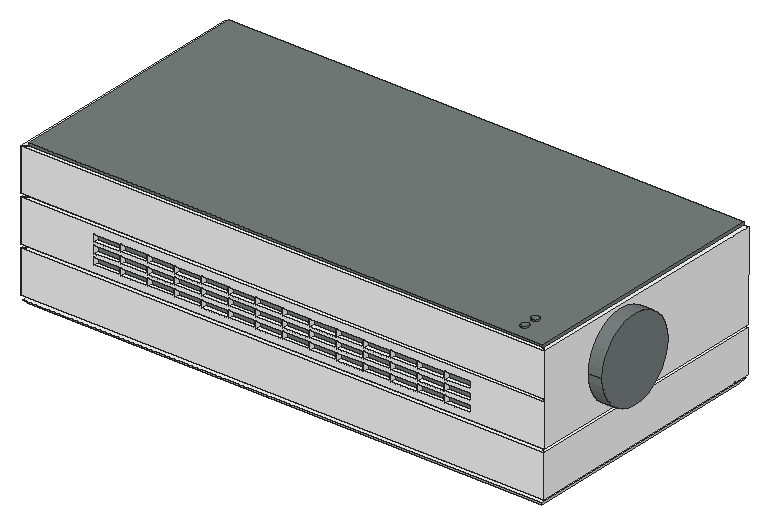
Revit family "AM 500 HCDE", category Mechanical Equipment, Revit 2019
Family settings
  Round Connector Dimension = Use Diameter
  Part Type = Normal
  OmniClass Number = 23.75.00.00
  OmniClass Title = Climate Control (HVAC)
  Work Plane-Based = No
  Always vertical = Yes
  Cut with Voids When Loaded = No
  Shared = No
  Room Calculation Point = No
Parameters
  Weight (Standard Unit) = 108  # constant formula
  Water Heater Surface Return = 10 mm  # constant formula
  Water Heater Surface IN = 10 mm  # constant formula
  Visible [instance] = yes
  URL = "www.airmaster-as.com"
  Total Width = 1600 mm  # constant formula
  Total Hight = 439 mm  # constant formula
  Top Panel [instance] = yes
  T-C Duct Supply = 171.3 mm  # constant formula
  T-C Duct Exhaust = 171.3 mm  # constant formula
  Suply Air In = 250 mm  # constant formula
  Side panel Top [instance] = yes
  Side panel Middle [instance] = yes
  Side panel Buttom [instance] = yes
  R-C Duct Supply = 238 mm  # constant formula
  Phase 1 - Max Power Consumption = "1762 W"
  Phase 1 - Max Current = "8,1 A"
  Nominal current, electrical preheating surface = "4,4 A"
  Nominal current, electrical comfort heating surface = "2,6 A"
  Nominal current, air handling unit = "1,1 A"
  Network Conection = "AWG 24 CAT 5e STP"
  Model = "AM 500 HCDE"
  Middle Panel [instance] = yes
  Max. flow rate 35 dB(A) with ePM10 80% filters = 440.00 m³  # constant formula
  Max. flow rate 35 dB(A) with ePM10 55% filters = 495.00 m³  # constant formula
  Max. flow rate 35 dB(A) with ePM10 50% filters = 550.00 m³  # constant formula
  Max. flow rate 30 dB(A) with ePM10 80% filters = 344.00 m³  # constant formula
  Max. flow rate 30 dB(A) with ePM10 55% filters = 387.00 m³  # constant formula
  Max. flow rate 30 dB(A) with ePM10 50% filters = 430.00 m³  # constant formula
  Manufacturer = "Airmaster A/S"
  Maintenance [instance] = no
  L-C Duct Exhaust = 192 mm  # constant formula
  Exhaust Air = 250 mm  # constant formula
  Total Depth = 779 mm  # constant formula
  Electrical connection = "1 ~ 230 V / N / PE / 50 Hz"
  Duct Extraction = 250 mm  # constant formula
  Drawn By = "LSB"
  Condensate = 9 mm  # constant formula
  BMS Panel = "(PTS) 2x2x0,6"
  BMS Out = "(PTS) 2x2x0,6"
  BMS IN = "(PTS) 2x2x0,6"
  Airlow area [instance] = no
Reference planes
  plane 1 "Center (Front/Back)": y = 0
  plane 2: z = 0
  plane 3 "Center (Left/Right)": x = 0
  plane 4 "Center L/S": y = -779
  plane 5 "Center L/T": x = -800
  plane 6 "Center L/U": x = 800
  plane 7 "TOP": z = 439
  plane 8 "Center L/V": x = -785
  plane 9 "Center L/W": y = -764
  plane 10 "Center L/X": x = 785
  plane 11 "Panel Buttom": z = 24.45
  plane 12 "Panel Top": z = 153.45
  plane 13 "Hatch": z = 14.5
  plane 14 "Center L/Z": z = 163.4
  plane 15 "Center L/AA": z = 292.4
  plane 16 "Center L/BB": z = 302.35
  plane 17 "Center L/CC": z = 431.35
Forms (mm)
  Extrusion 1, solid, material "AM Grey"
    sketch origin (0, 0, 0) x (1, 0, 0) y (0, 1, 0)
      loop
        line (-785, 0) -> (-785, -764) -> (785, -764) -> (785, 0) -> (-785, 0)
    from 14.5 to 439
  Extrusion 2, solid, material "AM White"
    sketch origin (794.5, -1524, 24.45) x (0, -1, 0) y (-1, 0, 0)
      loop
        line (-745, -5.5) -> (-745, 1594.5) -> (-760, 1579.5) -> (-760, 9.5) -> (-745, -5.5)
    from 0 to -129
  Blend 3, solid, material "AM White"
    base sketch origin (-790.646, -1524, 14.5) x (0, -1, 0) y (1, 0, 0)
      loop
        line (-745, -2.387) -> (-745, 1583.657) -> (-1524, 1583.657) -> (-1524, -2.387) -> (-745, -2.387)
    top sketch origin (-790.646, -1524, 14.5) x (0, -1, 0) y (1, 0, 0)
      loop
        line (-760, 8.963) -> (-760, 1572.646) -> (-1509.161, 1572.646) -> (-1509.161, 8.963) -> (-760, 8.963)
    from 0 to -14.5
  Extrusion 4, void
    sketch origin (1480.036, -779, 163.4) x (1, 0, 0) y (0, 0, -1)
      loop
        line (-2055.036, -85.5) -> (-2055.036, -107.5) -> (-1977.536, -107.5) -> (-1977.536, -85.5) -> (-2055.036, -85.5)
      loop
        line (-2055.036, -53.5) -> (-2055.036, -75.5) -> (-1977.536, -75.5) -> (-1977.536, -53.5) -> (-2055.036, -53.5)
      loop
        line (-2055.036, -21.5) -> (-2055.036, -43.5) -> (-1977.536, -43.5) -> (-1977.536, -21.5) -> (-2055.036, -21.5)
      loop
        line (-1972.536, -85.5) -> (-1972.536, -107.5) -> (-1895.036, -107.5) -> (-1895.036, -85.5) -> (-1972.536, -85.5)
      loop
        line (-1972.536, -53.5) -> (-1972.536, -75.5) -> (-1895.036, -75.5) -> (-1895.036, -53.5) -> (-1972.536, -53.5)
      loop
        line (-1972.536, -21.5) -> (-1972.536, -43.5) -> (-1895.036, -43.5) -> (-1895.036, -21.5) -> (-1972.536, -21.5)
      loop
        line (-1890.036, -85.5) -> (-1890.036, -107.5) -> (-1812.536, -107.5) -> (-1812.536, -85.5) -> (-1890.036, -85.5)
      loop
        line (-1890.036, -53.5) -> (-1890.036, -75.5) -> (-1812.536, -75.5) -> (-1812.536, -53.5) -> (-1890.036, -53.5)
      loop
        line (-1890.036, -21.5) -> (-1890.036, -43.5) -> (-1812.536, -43.5) -> (-1812.536, -21.5) -> (-1890.036, -21.5)
      loop
        line (-1807.536, -85.5) -> (-1807.536, -107.5) -> (-1730.036, -107.5) -> (-1730.036, -85.5) -> (-1807.536, -85.5)
      loop
        line (-1807.536, -53.5) -> (-1807.536, -75.5) -> (-1730.036, -75.5) -> (-1730.036, -53.5) -> (-1807.536, -53.5)
      loop
        line (-1807.536, -21.5) -> (-1807.536, -43.5) -> (-1730.036, -43.5) -> (-1730.036, -21.5) -> (-1807.536, -21.5)
      loop
        line (-1725.036, -85.5) -> (-1725.036, -107.5) -> (-1647.536, -107.5) -> (-1647.536, -85.5) -> (-1725.036, -85.5)
      loop
        line (-1725.036, -53.5) -> (-1725.036, -75.5) -> (-1647.536, -75.5) -> (-1647.536, -53.5) -> (-1725.036, -53.5)
      loop
        line (-1725.036, -21.5) -> (-1725.036, -43.5) -> (-1647.536, -43.5) -> (-1647.536, -21.5) -> (-1725.036, -21.5)
      loop
        line (-1642.536, -85.5) -> (-1642.536, -107.5) -> (-1565.036, -107.5) -> (-1565.036, -85.5) -> (-1642.536, -85.5)
      loop
        line (-1642.536, -53.5) -> (-1642.536, -75.5) -> (-1565.036, -75.5) -> (-1565.036, -53.5) -> (-1642.536, -53.5)
      loop
        line (-1642.536, -21.5) -> (-1642.536, -43.5) -> (-1565.036, -43.5) -> (-1565.036, -21.5) -> (-1642.536, -21.5)
      loop
        line (-1560.036, -85.5) -> (-1560.036, -107.5) -> (-1482.536, -107.5) -> (-1482.536, -85.5) -> (-1560.036, -85.5)
      loop
        line (-1560.036, -53.5) -> (-1560.036, -75.5) -> (-1482.536, -75.5) -> (-1482.536, -53.5) -> (-1560.036, -53.5)
      loop
        line (-1560.036, -21.5) -> (-1560.036, -43.5) -> (-1482.536, -43.5) -> (-1482.536, -21.5) -> (-1560.036, -21.5)
      loop
        line (-1477.536, -85.5) -> (-1477.536, -107.5) -> (-1400.036, -107.5) -> (-1400.036, -85.5) -> (-1477.536, -85.5)
      loop
        line (-1477.536, -53.5) -> (-1477.536, -75.5) -> (-1400.036, -75.5) -> (-1400.036, -53.5) -> (-1477.536, -53.5)
      loop
        line (-1477.536, -21.5) -> (-1477.536, -43.5) -> (-1400.036, -43.5) -> (-1400.036, -21.5) -> (-1477.536, -21.5)
      loop
        line (-1395.036, -85.5) -> (-1395.036, -107.5) -> (-1317.536, -107.5) -> (-1317.536, -85.5) -> (-1395.036, -85.5)
      loop
        line (-1395.036, -53.5) -> (-1395.036, -75.5) -> (-1317.536, -75.5) -> (-1317.536, -53.5) -> (-1395.036, -53.5)
      loop
        line (-1395.036, -21.5) -> (-1395.036, -43.5) -> (-1317.536, -43.5) -> (-1317.536, -21.5) -> (-1395.036, -21.5)
      loop
        line (-1312.536, -85.5) -> (-1312.536, -107.5) -> (-1235.036, -107.5) -> (-1235.036, -85.5) -> (-1312.536, -85.5)
      loop
        line (-1312.536, -53.5) -> (-1312.536, -75.5) -> (-1235.036, -75.5) -> (-1235.036, -53.5) -> (-1312.536, -53.5)
      loop
        line (-1312.536, -21.5) -> (-1312.536, -43.5) -> (-1235.036, -43.5) -> (-1235.036, -21.5) -> (-1312.536, -21.5)
      loop
        line (-1230.036, -85.5) -> (-1230.036, -107.5) -> (-1152.536, -107.5) -> (-1152.536, -85.5) -> (-1230.036, -85.5)
      loop
        line (-1230.036, -53.5) -> (-1230.036, -75.5) -> (-1152.536, -75.5) -> (-1152.536, -53.5) -> (-1230.036, -53.5)
      loop
        line (-1230.036, -21.5) -> (-1230.036, -43.5) -> (-1152.536, -43.5) -> (-1152.536, -21.5) -> (-1230.036, -21.5)
      loop
        line (-1147.536, -85.5) -> (-1147.536, -107.5) -> (-1070.036, -107.5) -> (-1070.036, -85.5) -> (-1147.536, -85.5)
      loop
        line (-1147.536, -53.5) -> (-1147.536, -75.5) -> (-1070.036, -75.5) -> (-1070.036, -53.5) -> (-1147.536, -53.5)
      loop
        line (-1147.536, -21.5) -> (-1147.536, -43.5) -> (-1070.036, -43.5) -> (-1070.036, -21.5) -> (-1147.536, -21.5)
      loop
        line (-1065.036, -85.5) -> (-1065.036, -107.5) -> (-987.536, -107.5) -> (-987.536, -85.5) -> (-1065.036, -85.5)
      loop
        line (-1065.036, -53.5) -> (-1065.036, -75.5) -> (-987.536, -75.5) -> (-987.536, -53.5) -> (-1065.036, -53.5)
      loop
        line (-1065.036, -21.5) -> (-1065.036, -43.5) -> (-987.536, -43.5) -> (-987.536, -21.5) -> (-1065.036, -21.5)
      loop
        line (-982.536, -85.5) -> (-982.536, -107.5) -> (-905.036, -107.5) -> (-905.036, -85.5) -> (-982.536, -85.5)
      loop
        line (-982.536, -53.5) -> (-982.536, -75.5) -> (-905.036, -75.5) -> (-905.036, -53.5) -> (-982.536, -53.5)
      loop
        line (-982.536, -21.5) -> (-982.536, -43.5) -> (-905.036, -43.5) -> (-905.036, -21.5) -> (-982.536, -21.5)
    from 0 to 15
  Extrusion 5, solid, material "AM Grey"
    sketch origin (-785, -20, 0) x (0, 1, 0) y (0, 0, -1)
      loop
        arc (-34.231, -35.823) -> (-20.604, -46.468) -> (-15.509, -29.944) r 10.5
        arc (-15.509, -29.944) -> (-26.896, -26.432) -> (-34.231, -35.823) r 10.5
    from 0 to 14.9
  Extrusion 6, solid, material "AM Grey"
    sketch origin (785, 0, 0) x (0, -1, 0) y (0, 0, -1)
      loop
        circle (48.75, -36.414) r 8
    from 0 to 14.9
  Extrusion 7, solid, material "AM Grey"
    sketch origin (785, 0, 0) x (0, -1, 0) y (0, 0, -1)
      loop
        circle (48.75, -60.414) r 5.5
    from 0 to 14.9
  Extrusion 8, solid, material "AM Grey"
    sketch origin (785, 0, 0) x (0, -1, 0) y (0, 0, -1)
      loop
        arc (52.21, -82.945) -> (49.124, -78.934) -> (45.257, -82.197) r 3.5
        arc (45.257, -82.197) -> (48.376, -85.894) -> (52.21, -82.945) r 3.5
    from 0 to 14.9
  Extrusion 9, solid, material "AM Grey"
    sketch origin (785, 0, 0) x (0, -1, 0) y (0, 0, -1)
      loop
        arc (52.21, -104.867) -> (49.124, -100.856) -> (45.257, -104.119) r 3.5
        arc (45.257, -104.119) -> (48.376, -107.816) -> (52.21, -104.867) r 3.5
    from 0 to 14.9
  Extrusion 10, solid, material "AM Grey"
    sketch origin (785, 0, 0) x (0, -1, 0) y (0, 0, -1)
      loop
        arc (666.553, -391.641) -> (678.119, -403.614) -> (689.95, -391.903) r 11.7
        arc (689.95, -391.903) -> (678.381, -380.215) -> (666.553, -391.641) r 11.7
    from 0 to 2
  Extrusion 11, solid, material "AM Grey"
    sketch origin (785, 0, 0) x (0, -1, 0) y (0, 0, -1)
      loop
        arc (707.323, -393.239) -> (721.418, -403.717) -> (730.869, -388.914) r 12
        arc (730.869, -388.914) -> (717.082, -380.112) -> (707.323, -393.239) r 12
    from 0 to 2
  Extrusion 12, solid, material "AM Grey"
    sketch origin (-785, 0, 0) x (1, 0, 0) y (0, 0, -1)
      loop
        circle (1347, -267.7) r 125
    from 0 to 18.45
  Extrusion 13, solid, material "AM Grey"
    sketch origin (-785, 0, 0) x (1, 0, 0) y (0, 0, -1)
      loop
        circle (177, -267.7) r 125
    from 0 to 18.45
  Extrusion 14, solid, material "AM Grey"
    sketch origin (-2194.69, 0, 0) x (1, 0, 0) y (0, 0, -1)
      loop
        arc (1478.835, -24) -> (1493.457, -45.482) -> (1480.281, -23.084) r 13
        line (1480.281, -23.084) -> (1478.835, -24)
    from 0 to 2
  Extrusion 15, solid, material "AM Grey"
    sketch origin (0, 0, 439) x (1, 0, 0) y (0, 1, 0)
      loop
        arc (693.662, -689.53) -> (693, -667.55) -> (692.338, -689.53) r 11
        line (692.338, -689.53) -> (693.662, -689.53)
    from 0 to 2
  Extrusion 16, solid, material "AM Grey"
    sketch origin (0, 0, 439) x (1, 0, 0) y (0, 1, 0)
      loop
        arc (693.662, -730.28) -> (693, -708.3) -> (692.338, -730.28) r 11
        line (692.338, -730.28) -> (693.662, -730.28)
    from 0 to 2
  Extrusion 17, solid, material "Maintenece", visible <- "Maintenance"
    sketch origin (-790.646, -1524, 0) x (1, 0, 0) y (0, -1, 0)
      loop
        line (-9.354, -1524) -> (1590.646, -1524) -> (1590.646, -745) -> (-9.354, -745) -> (-9.354, -1524)
    from 0 to 1200
  Extrusion 18, solid, material "AM Grey"
    sketch origin (785, 0, 0) x (0, -1, 0) y (0, 0, -1)
      loop
        circle (489, -299.25) r 125
    from 0 to 60
  Extrusion 19, solid, material "AM White", visible <- "Middle Panel"
    sketch origin (794.5, -1524, 163.4) x (0, -1, 0) y (-1, 0, 0)
      loop
        line (-745, -3.5) -> (-745, 1594.5) -> (-760, 1579.5) -> (-760, 11.5) -> (-745, -3.5)
    from 0 to -129
  Extrusion 20, solid, material "AM White", visible <- "Top Panel"
    sketch origin (794.5, -1524, 302.35) x (0, -1, 0) y (-1, 0, 0)
      loop
        line (-745, -3.5) -> (-745, 1594.5) -> (-760, 1579.5) -> (-760, 11.5) -> (-745, -3.5)
    from 0 to -129
  Extrusion 21, solid, material "AM White", visible <- "Side panel Middle"
    sketch origin (794.5, -1524, 163.4) x (0, -1, 0) y (-1, 0, 0)
      loop
        line (-747, -5.5) -> (-762, 9.5) -> (-1524, 9.5) -> (-1524, -5.5) -> (-747, -5.5)
    from 0 to -267.95
  Extrusion 22, solid, material "AM White", visible <- "Side panel Buttom"
    sketch origin (-790.646, -1524, 0) x (1, 0, 0) y (0, -1, 0)
      loop
        line (5.646, -1524) -> (5.646, -760) -> (-9.354, -745) -> (-9.354, -1524) -> (5.646, -1524)
      loop
        line (1575.646, -1524) -> (1590.646, -1524) -> (1590.646, -745) -> (1575.646, -760) -> (1575.646, -1524)
    from -24.45 to -153.45
  Extrusion 23, solid, material "AM White", visible <- "Side panel Middle"
    sketch origin (-790.646, -1524, 138.95) x (1, 0, 0) y (0, -1, 0)
      loop
        line (5.646, -1524) -> (5.646, -760) -> (-9.354, -745) -> (-9.354, -1524) -> (5.646, -1524)
    from -24.45 to -153.45
  Extrusion 24, solid, material "AM White", visible <- "Side panel Top"
    sketch origin (-790.646, -1524, 277.9) x (1, 0, 0) y (0, -1, 0)
      loop
        line (5.646, -1524) -> (5.646, -760) -> (-9.354, -745) -> (-9.354, -1524) -> (5.646, -1524)
    from -24.45 to -153.45
Cuts and joins
  Extrusion 4 cuts Extrusion 1
  Extrusion 4 cuts Extrusion 2
  Extrusion 4 cuts Extrusion 19
  Extrusion 4 cuts Extrusion 20
Dimensions and locks
  "Total Depth": plane 4 "Center L/S" to plane 1 "Center (Front/Back)"
  equal spacing: plane 5 "Center L/T", plane 3 "Center (Left/Right)", plane 6 "Center L/U"
  "Total Width": plane 5 "Center L/T" to plane 6 "Center L/U"
  "Total Hight": plane 7 "TOP" to level
  locked: plane 10 "Center L/X" to plane 6 "Center L/U" at 15
  locked: plane 4 "Center L/S" to plane 9 "Center L/W" at 15
  locked: plane 5 "Center L/T" to plane 8 "Center L/V" at 15
  Extrusion 1 to Blend 3 sketch curve = 14.839 mm
  "R-C Duct Supply": plane 6 "Center L/U" to Extrusion 12 sketch curve
  "T-C Duct Supply": Extrusion 12 sketch curve to cut or joined group of Extrusion 1, Extrusion 4
  "T-C Duct Exhaust": Extrusion 13 sketch curve to plane 7 "TOP"
  "L-C Duct Exhaust": Extrusion 13 sketch curve to plane 5 "Center L/T"
  nested 2 to cut or joined group of Extrusion 2, Extrusion 4 = 500 mm
  aligned and locked: level to plane 2
  aligned and locked: plane 1 "Center (Front/Back)" to Extrusion 1 sketch curve
  aligned and locked: Extrusion 1 sketch curve to plane 8 "Center L/V"
  aligned and locked: Extrusion 1 sketch curve to plane 9 "Center L/W"
  aligned and locked: Extrusion 1 sketch curve to plane 10 "Center L/X"
  aligned and locked: plane 7 "TOP" to Extrusion 1
  aligned and locked: plane 4 "Center L/S" to Extrusion 2 sketch curve
  aligned and locked: Extrusion 2 sketch curve to Extrusion 1
  aligned and locked: Extrusion 2 to plane 12 "Panel Top"
  aligned and locked: Blend 3 to plane 2
  aligned and locked: plane 13 "Hatch" to Extrusion 1
  aligned and locked: Extrusion 17 sketch curve to cut or joined group of Extrusion 2, Extrusion 4
  aligned and locked: Extrusion 19 to plane 15 "Center L/AA"
  aligned and locked: Extrusion 20 to plane 17 "Center L/CC"
Automatic sketch dimensions
  Extrusion 2 sketch curve to plane 5 "Center L/T" = 0 mm
  Extrusion 2 sketch curve to plane 8 "Center L/V" = 0 mm
  Extrusion 2 sketch curve to plane 10 "Center L/X" = 0 mm
  Extrusion 2 sketch curve to plane 6 "Center L/U" = 0 mm
  plane 1 "Center (Front/Back)" to Blend 3 sketch curve = 0 mm
  plane 4 "Center L/S" to Blend 3 sketch curve = 0 mm
  plane 5 "Center L/T" to Blend 3 sketch curve = 6.967 mm
  Blend 3 sketch curve to plane 6 "Center L/U" = 6.989 mm
  plane 9 "Center L/W" to Blend 3 sketch curve = 0 mm
  plane 8 "Center L/V" to Blend 3 sketch curve = 3.316 mm
  Blend 3 sketch curve to plane 10 "Center L/X" = 3 mm
  Extrusion 2 to Extrusion 4 sketch curve = 95.45 mm  (x4)
  Extrusion 2 to Extrusion 4 sketch curve = 225 mm
  Extrusion 4 sketch curve to Extrusion 4 sketch curve = 0 mm  (x87)
  Extrusion 4 sketch curve to Extrusion 4 sketch curve = 77.5 mm  (x14)
  Extrusion 4 sketch curve to Extrusion 4 sketch curve = 5 mm  (x39)
  Extrusion 2 to Extrusion 4 sketch curve = 117.45 mm  (x3)
  Extrusion 4 sketch curve to Extrusion 4 sketch curve = 10 mm  (x12)
  Extrusion 4 sketch curve to Extrusion 4 sketch curve = 22 mm  (x4)
  Extrusion 4 sketch curve to Extrusion 2 = 160.45 mm  (x4)
  Extrusion 5 sketch curve to Extrusion 5 sketch curve = 0 mm  (x2)
  Extrusion 1 to Extrusion 5 sketch curve = 43.75 mm
  Extrusion 1 to Extrusion 5 sketch curve = 21.95 mm
  Extrusion 5 sketch curve to Extrusion 5 sketch curve = 10.481 mm
  Extrusion 5 sketch curve to Extrusion 5 sketch curve = 8.241 mm
  Extrusion 5 sketch curve to Extrusion 5 sketch curve = 0.627 mm
  Extrusion 1 to Extrusion 6 sketch curve = 21.914 mm
  Extrusion 1 to Extrusion 6 sketch curve = 48.75 mm
  Extrusion 1 to Extrusion 7 sketch curve = 48.75 mm
  Extrusion 1 to Extrusion 7 sketch curve = 45.914 mm
  Extrusion 8 sketch curve to Extrusion 8 sketch curve = 0 mm  (x2)
  Extrusion 1 to Extrusion 8 sketch curve = 48.75 mm
  Extrusion 1 to Extrusion 8 sketch curve = 67.914 mm
  Extrusion 8 sketch curve to Extrusion 8 sketch curve = 3.493 mm
  Extrusion 8 sketch curve to Extrusion 8 sketch curve = 3.46 mm
  Extrusion 8 sketch curve to Extrusion 8 sketch curve = 0.531 mm
  Extrusion 9 sketch curve to Extrusion 9 sketch curve = 0 mm  (x2)
  Extrusion 1 to Extrusion 9 sketch curve = 48.75 mm
  Extrusion 1 to Extrusion 9 sketch curve = 89.836 mm
  Extrusion 9 sketch curve to Extrusion 9 sketch curve = 3.493 mm
  Extrusion 9 sketch curve to Extrusion 9 sketch curve = 3.46 mm
  Extrusion 9 sketch curve to Extrusion 9 sketch curve = 0.531 mm
  Extrusion 10 sketch curve to Extrusion 10 sketch curve = 0 mm  (x2)
  Extrusion 1 to Extrusion 10 sketch curve = 85.75 mm
  Extrusion 1 to Extrusion 10 sketch curve = 47.086 mm
  Extrusion 10 sketch curve to Extrusion 10 sketch curve = 11.697 mm
  Extrusion 10 sketch curve to Extrusion 10 sketch curve = 11.7 mm
  Extrusion 10 sketch curve to Extrusion 10 sketch curve = 0.011 mm
  Extrusion 11 sketch curve to Extrusion 11 sketch curve = 0 mm  (x2)
  Extrusion 1 to Extrusion 11 sketch curve = 44.75 mm
  Extrusion 1 to Extrusion 11 sketch curve = 47.086 mm
  Extrusion 11 sketch curve to Extrusion 11 sketch curve = 11.927 mm
  Extrusion 11 sketch curve to Extrusion 11 sketch curve = 11.619 mm
  Extrusion 11 sketch curve to Extrusion 11 sketch curve = 1.325 mm
  Extrusion 1 to Extrusion 14 sketch curve = 9.5 mm
  Extrusion 14 sketch curve to Extrusion 1 = 69.145 mm
  Extrusion 1 to Extrusion 14 sketch curve = 8.584 mm
  Extrusion 14 sketch curve to Extrusion 14 sketch curve = 1.446 mm
  Extrusion 14 sketch curve to Extrusion 14 sketch curve = 6.219 mm
  Extrusion 15 sketch curve to Extrusion 1 = 92.662 mm
  Extrusion 15 sketch curve to Extrusion 15 sketch curve = 0.662 mm
  Extrusion 15 sketch curve to Extrusion 1 = 74.47 mm
  Extrusion 15 sketch curve to Extrusion 15 sketch curve = 10.98 mm
  Extrusion 16 sketch curve to Extrusion 1 = 92.662 mm
  Extrusion 16 sketch curve to Extrusion 16 sketch curve = 0.662 mm
  Extrusion 16 sketch curve to Extrusion 1 = 33.72 mm
  Extrusion 16 sketch curve to Extrusion 16 sketch curve = 10.98 mm
  Extrusion 17 sketch curve to Blend 3 = 18.316 mm
  Extrusion 17 sketch curve to Blend 3 = 18 mm
  Extrusion 17 sketch curve to Blend 3 = 14.839 mm
  Extrusion 1 to Extrusion 18 sketch curve = 275 mm
  Extrusion 1 to Extrusion 18 sketch curve = 139.75 mm
  plane 9 "Center L/W" to Extrusion 19 sketch curve = 0 mm
  plane 4 "Center L/S" to Extrusion 19 sketch curve = 0 mm
  Extrusion 19 sketch curve to plane 5 "Center L/T" = 0 mm
  Extrusion 19 sketch curve to plane 8 "Center L/V" = 0 mm
  Extrusion 19 sketch curve to plane 10 "Center L/X" = 2 mm
  Extrusion 19 sketch curve to plane 6 "Center L/U" = 2 mm
  plane 9 "Center L/W" to Extrusion 20 sketch curve = 0 mm
  plane 4 "Center L/S" to Extrusion 20 sketch curve = 0 mm
  Extrusion 20 sketch curve to plane 5 "Center L/T" = 0 mm
  Extrusion 20 sketch curve to plane 8 "Center L/V" = 0 mm
  Extrusion 20 sketch curve to plane 10 "Center L/X" = 2 mm
  Extrusion 20 sketch curve to plane 6 "Center L/U" = 2 mm
  plane 1 "Center (Front/Back)" to Extrusion 21 sketch curve = 0 mm
  Extrusion 21 sketch curve to plane 10 "Center L/X" = 0 mm
  Extrusion 21 sketch curve to plane 6 "Center L/U" = 0 mm
  Extrusion 21 sketch curve to plane 9 "Center L/W" = 2 mm
  Extrusion 21 sketch curve to plane 4 "Center L/S" = 2 mm
  Extrusion 22 sketch curve to Blend 3 = 0 mm
  Blend 3 to Extrusion 22 sketch curve = 0 mm
  Extrusion 22 sketch curve to Blend 3 = 18.316 mm
  Extrusion 22 sketch curve to Blend 3 = 3.316 mm
  Extrusion 22 sketch curve to Blend 3 = 3 mm
  Extrusion 22 sketch curve to Extrusion 22 sketch curve = 15 mm
  Extrusion 22 sketch curve to Blend 3 = 15 mm  (x2)
  Extrusion 22 sketch curve to Blend 3 = 14.839 mm  (x2)
  plane 1 "Center (Front/Back)" to Extrusion 23 sketch curve = 0 mm
  Extrusion 23 sketch curve to plane 5 "Center L/T" = 0 mm
  Extrusion 23 sketch curve to plane 8 "Center L/V" = 0 mm
  plane 4 "Center L/S" to Extrusion 23 sketch curve = 0 mm
  Extrusion 23 sketch curve to plane 9 "Center L/W" = 0 mm
  plane 1 "Center (Front/Back)" to Extrusion 24 sketch curve = 0 mm
  Extrusion 24 sketch curve to plane 5 "Center L/T" = 0 mm
  Extrusion 24 sketch curve to plane 8 "Center L/V" = 0 mm
  plane 4 "Center L/S" to Extrusion 24 sketch curve = 0 mm
  Extrusion 24 sketch curve to plane 9 "Center L/W" = 0 mm
  radius of Extrusion 6 sketch curve = 8 mm
  radius of Extrusion 7 sketch curve = 5.5 mm
  radius of Extrusion 12 sketch curve = 125 mm
  radius of Extrusion 13 sketch curve = 125 mm
  radius of Extrusion 18 sketch curve = 125 mm
Nested families
  nested 1: "Model Label 2019" at (0, -361.924, 0), Label <- "Model", type "Model Label 2019"
    with Label "AM 500 HCDE"
  nested 2: "indblæssymbol" at (11.742, -829, 0) x (0, -1, 0) z (0, 0, 1), type "indblæssymbol"
    with dX_ 609 mm, dX 609 mm, ang2D 0.00°
Connectors
  piping at (-799.9, -44.87, 32.883), diameter 9, driven by "Condensate"
    settings: on Extrusion 5, index 1, connector inside diameter 609.6 mm, connector length 0 mm, flow factor 0, pipe flow 0.0 L/s, pressure drop 0.0 Pa, fitting loss kfactor 0, connector angle 0.00°, fixture units 0, engagement length 0 mm, angle of deflection 0.00°, flow configuration 0, flow direction 0, fitting loss method 0, system type 16, joint type 0, gender type 0, connector reference index -1, connector utility 0, adjustable connector no, is connector primary yes, connector description ""
  electrical at (799.9, -48.75, 36.414), driven by "Electrical connection"
    settings: on Extrusion 6, index 2, voltage 230 V, apparent load 0 VA, apparent load phase1 0 VA, apparent load phase2 0 VA, apparent load phase3 0 VA, power factor 0.58, load classification "Other", number of poles 1, system type 30, power factor state 1, is connector primary yes, connector utility no, sub classification motor no, connector description "1 ~ 230 V / N / PE / 50 Hz"
  electrical at (799.9, -48.75, 60.414), driven by "Network Conection"
    settings: on Extrusion 7, index 3, voltage 0 V, apparent load 0 VA, apparent load phase1 0 VA, apparent load phase2 0 VA, apparent load phase3 0 VA, power factor 1, load classification "Other", number of poles 1, system type 5, power factor state 1, is connector primary no, connector utility no, sub classification motor no, connector description "AWG 24 CAT 5e STP"
  electrical at (799.9, -48.733, 82.571), driven by "BMS IN"
    settings: on Extrusion 8, index 4, voltage 0 V, apparent load 0 VA, apparent load phase1 0 VA, apparent load phase2 0 VA, apparent load phase3 0 VA, power factor 1, load classification "Other", number of poles 1, system type 5, power factor state 1, is connector primary no, connector utility no, sub classification motor no, connector description "(PTS) 2x2x0,6"
  electrical at (799.9, -48.733, 104.493), driven by "BMS Out"
    settings: on Extrusion 9, index 5, voltage 0 V, apparent load 0 VA, apparent load phase1 0 VA, apparent load phase2 0 VA, apparent load phase3 0 VA, power factor 1, load classification "Other", number of poles 1, system type 5, power factor state 1, is connector primary no, connector utility no, sub classification motor no, connector description "(PTS) 2x2x0,6"
  piping at (787, -719.096, 391.076), diameter 10, driven by "Water Heater Surface IN"
    settings: on Extrusion 11, index 6, connector inside diameter 609.6 mm, connector length 0 mm, flow factor 0, pipe flow 0.0 L/s, pressure drop 0.0 Pa, fitting loss kfactor 0, connector angle 0.00°, fixture units 0, engagement length 0 mm, angle of deflection 0.00°, flow configuration 0, flow direction 1, fitting loss method 0, system type 7, joint type 0, gender type 0, connector reference index -1, connector utility 0, adjustable connector no, is connector primary no, connector description ""
  piping at (787, -678.252, 391.772), diameter 10, driven by "Water Heater Surface Return"
    settings: on Extrusion 10, index 7, connector inside diameter 609.6 mm, connector length 0 mm, flow factor 0, pipe flow 0.0 L/s, pressure drop 0.0 Pa, fitting loss kfactor 0, connector angle 0.00°, fixture units 0, engagement length 0 mm, angle of deflection 0.00°, flow configuration 0, flow direction 2, fitting loss method 0, system type 8, joint type 0, gender type 0, connector reference index -1, connector utility 0, adjustable connector no, is connector primary no, connector description ""
  piping at (-715.132, 2, 23.542), diameter 9, driven by "Condensate"
    settings: on Extrusion 14, index 8, connector inside diameter 609.6 mm, connector length 0 mm, flow factor 0, pipe flow 0.0 L/s, pressure drop 0.0 Pa, fitting loss kfactor 0, connector angle 0.00°, fixture units 0, engagement length 0 mm, angle of deflection 0.00°, flow configuration 0, flow direction 0, fitting loss method 0, system type 16, joint type 0, gender type 0, connector reference index -1, connector utility 0, adjustable connector no, is connector primary no, connector description "9"
  piping at (693, -730.28, 441), diameter 10, driven by "Water Heater Surface IN"
    settings: on Extrusion 16, index 11, connector inside diameter 609.6 mm, connector length 0 mm, flow factor 0, pipe flow 0.0 L/s, pressure drop 0.0 Pa, fitting loss kfactor 0, connector angle 0.00°, fixture units 0, engagement length 0 mm, angle of deflection 0.00°, flow configuration 0, flow direction 0, fitting loss method 0, system type 19, joint type 0, gender type 0, connector reference index -1, connector utility 0, adjustable connector no, is connector primary no, connector description ""
  piping at (693, -689.53, 441), diameter 10, driven by "Water Heater Surface Return"
    settings: on Extrusion 15, index 12, connector inside diameter 609.6 mm, connector length 0 mm, flow factor 0, pipe flow 0.0 L/s, pressure drop 0.0 Pa, fitting loss kfactor 0, connector angle 0.00°, fixture units 0, engagement length 0 mm, angle of deflection 0.00°, flow configuration 0, flow direction 0, fitting loss method 0, system type 19, joint type 0, gender type 0, connector reference index -1, connector utility 0, adjustable connector no, is connector primary no, connector description ""
  hvac at (562, 0, 267.7), driven by "Suply Air In"
    settings: on Extrusion 12, index 14, duct flow 0.0 L/s, flow factor 0, pres drop 0.0 Pa, loss coef 0, conn angle 0.00°, conn width 304.8 mm, conn height 304.8 mm, conn diameter 250 mm, duct sys type 1, conn prof type 0, flow config 0, flow direction 1, loss method 0, conn ref index -1, conn util no, is conn primary yes, conn desc ""
  hvac at (-608, 0, 267.7), driven by "Exhaust Air"
    settings: on Extrusion 13, index 15, duct flow 0.0 L/s, flow factor 0, pres drop 0.0 Pa, loss coef 0, conn angle 0.00°, conn width 304.8 mm, conn height 304.8 mm, conn diameter 250 mm, duct sys type 3, conn prof type 0, flow config 0, flow direction 2, loss method 0, conn ref index -1, conn util no, is conn primary no, conn desc ""
  hvac at (785, -489, 299.25), driven by "Suply Air In"
    settings: on Extrusion 18, index 16, duct flow 0.0 L/s, flow factor 0, pres drop 0.0 Pa, loss coef 0, conn angle 0.00°, conn width 304.8 mm, conn height 304.8 mm, conn diameter 250 mm, duct sys type 2, conn prof type 0, flow config 0, flow direction 0, loss method 0, conn ref index -1, conn util no, is conn primary no, conn desc ""
Definition of nested family "Model Label 2019"
  Parameters (values of type "Model Label 2019")
    Label [instance] = ""
  Reference planes
    plane 1: y = 0
    plane 2: x = 0
  Text (mm)
    label "Label" at (-0.131, 0.049, 0), shows "Label"
Definition of nested family "indblæssymbol"
  Parameters (values of type "indblæssymbol")
    dX_ [instance] = if(dX = 0 mm, 1 mm, dX)  # 609 mm
    dX [instance] = 609 mm
    ang2D [instance] = 0.00°
    Type Comments = "DO NOT CHANGE dX value from 608 mm ( 2 ft )"
    Afstand pil = 50 mm
  Reference planes
    plane 1 "Center (Front/Back)": y = 0
    plane 2: z = 0
    plane 3 "Center (Left/Right)": x = 0
  Lines and regions (mm)
    Filled region 1, type "Concrete", in view "Ref. Level"
      outline origin (50.005, 0, 0) x (1, 0, 0) y (0, 1, 0)
        loop
          line (399.995, 0.414) -> (301.442, 17.365) -> (301.588, -17.365) -> (399.995, 0.414)
    reference lines, in view "Ref. Level"
      curve 1: line (50, 134.129, 0) -> (50, -145.871, 0)
    detail lines, in view "Ref. Level"
      curve 2: line (351.52, 0, 0) -> (50, 0, 0)
  Dimensions and locks
    "Afstand pil": plane 3 "Center (Left/Right)" to curve 1
    curve 1 to Filled region 1 = 400 mm
  Automatic sketch dimensions
    Filled region 1 sketch curve to plane 1 "Center (Front/Back)" = 0.414 mm
    plane 3 "Center (Left/Right)" to Filled region 1 sketch curve = 450 mm
    plane 1 "Center (Front/Back)" to Filled region 1 sketch curve = 17.365 mm
    Filled region 1 sketch curve to Filled region 1 sketch curve = 98.407 mm
    Filled region 1 sketch curve to plane 1 "Center (Front/Back)" = 17.365 mm
    Filled region 1 sketch curve to Filled region 1 sketch curve = 0.146 mm
    plane 1 "Center (Front/Back)" to curve 2 = 0 mm
    plane 3 "Center (Left/Right)" to curve 2 = 50 mm
    curve 2 to curve 2 = 301.52 mm
    plane 1 "Center (Front/Back)" to curve 1 = 145.871 mm
    curve 1 to plane 1 "Center (Front/Back)" = 134.129 mm
